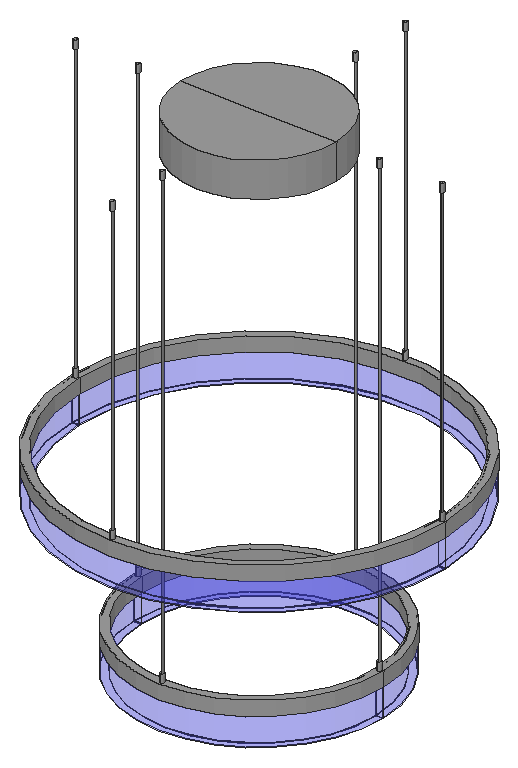
Revit family "Alcon-12272-2-16-24-Revit-Family", category Generic Models, host Ceiling, Revit 2025
Family settings
  Host = Ceiling
  Can host rebar = No
  Round Connector Dimension = Use Diameter
  Part Type = Normal
  Always vertical = Yes
  Cut with Voids When Loaded = No
  Maintain Annotation Orientation = No
  Shared = No
  Room Calculation Point = No
Parameters
  URL = "https://www.alconlighting.com/?srsltid=AfmBOooDPhGQ0dEP-X2PMtxFfvvWpIAEL4jCll_O2F4_to5onvhnBomy"
  Product Page = "https://www.alconlighting.com/redondo-12272-2.html"
  Model = "12272-2"
  Manufacturer = "Alcon Lighting"
  Lens = Glass
  Housing = Default
  Default Elevation = 0' - 0"
Reference planes (in)
  plane 1 "Center (Front/Back)": y = 0
  plane 2 "Ceiling": z = 96
  plane 3 "Center (Left/Right)": x = 0
Forms (in)
  Revolve 1, solid, material "Default" <- "Housing"
    sketch origin (0, 0, 0) x (1, 0, 0) y (0, 0, 1)
      loop
        line (0, 96) -> (0, 93.75) -> (5, 93.75) -> (5, 96) -> (0, 96)
      axis (0, 96) -> (0, 93.75)
    angle from 0 to 360
  Revolve 2, solid, material "Default" <- "Housing"
    sketch origin (0, 0, 0) x (1, 0, 0) y (0, 0, 1)
      loop
        line (7.5, 66.65) -> (7.5, 65.72813) -> (7.5625, 65.72813) -> (7.5625, 66.5875) -> (7.9375, 66.5875) -> (7.9375, 65.72813) -> (8, 65.72813) -> (8, 66.65) -> (7.5, 66.65)
      axis (0, 65.72813) -> (0, 66.65)
    angle from 0 to 360
  Revolve 3, solid, material "Glass" <- "Lens"
    sketch origin (0, 0, 0) x (1, 0, 0) y (0, 0, 1)
      loop
        line (7.5, 63.89) -> (8, 63.89) -> (8, 65.72813) -> (7.96875, 65.72813) -> (7.96875, 63.92125) -> (7.53125, 63.92125) -> (7.53125, 65.72813) -> (7.5, 65.72813) -> (7.5, 63.89)
      axis (0, 63.89) -> (0, 65.72813)
    angle from 0 to 360
  Revolve 4, solid, material "Default" <- "Housing"
    sketch origin (0, -20.29728, 0) x (0, 1, 0) y (0, 0, 1)
      loop
        line (12.55011, 66.65) -> (12.67511, 66.65) -> (12.67511, 67.1208) -> (12.55011, 67.1208) -> (12.55011, 66.65)
      axis (12.55011, 67.1208) -> (12.55011, 66.65)
    angle from 0 to 360
  Extrusion 5, solid, material "Default" <- "Housing"
    sketch origin (0, -7.74728, 92.90344) x (0, 1, 0) y (1, 0, 0)
      loop
        circle (0, 0) r 0.04922
    from -2.62576 to 25.78265
  Revolve 6, solid, material "Default" <- "Housing"
    sketch origin (0, -20.29728, 28.8792) x (0, 1, 0) y (0, 0, 1)
      loop
        line (12.55011, 66.65) -> (12.67511, 66.65) -> (12.67511, 67.1208) -> (12.55011, 67.1208) -> (12.55011, 66.65)
      axis (12.55011, 67.1208) -> (12.55011, 66.65)
    angle from 0 to 360
  Revolve 7, solid, material "Default" <- "Housing"
    sketch origin (0, -4.80413, 0) x (0, 1, 0) y (0, 0, 1)
      loop
        line (12.55011, 66.65) -> (12.67511, 66.65) -> (12.67511, 67.1208) -> (12.55011, 67.1208) -> (12.55011, 66.65)
      axis (12.55011, 67.1208) -> (12.55011, 66.65)
    angle from 0 to 360
  Extrusion 8, solid, material "Default" <- "Housing"
    sketch origin (0, 7.74587, 92.90344) x (0, 1, 0) y (1, 0, 0)
      loop
        circle (0, 0) r 0.04922
    from -2.62576 to 25.78265
  Revolve 9, solid, material "Default" <- "Housing"
    sketch origin (0, -4.80413, 28.8792) x (0, 1, 0) y (0, 0, 1)
      loop
        line (12.55011, 66.65) -> (12.67511, 66.65) -> (12.67511, 67.1208) -> (12.55011, 67.1208) -> (12.55011, 66.65)
      axis (12.55011, 67.1208) -> (12.55011, 66.65)
    angle from 0 to 360
  Revolve 10, solid, material "Default" <- "Housing"
    sketch origin (7.73156, -12.55011, 0) x (0, 1, 0) y (0, 0, 1)
      loop
        line (12.55011, 66.65) -> (12.67511, 66.65) -> (12.67511, 67.1208) -> (12.55011, 67.1208) -> (12.55011, 66.65)
      axis (12.55011, 67.1208) -> (12.55011, 66.65)
    angle from 0 to 360
  Extrusion 11, solid, material "Default" <- "Housing"
    sketch origin (7.73156, -0.00011, 92.90344) x (0, 1, 0) y (1, 0, 0)
      loop
        circle (0, 0) r 0.04922
    from -2.62576 to 25.78265
  Revolve 12, solid, material "Default" <- "Housing"
    sketch origin (7.73156, -12.55011, 28.8792) x (0, 1, 0) y (0, 0, 1)
      loop
        line (12.55011, 66.65) -> (12.67511, 66.65) -> (12.67511, 67.1208) -> (12.55011, 67.1208) -> (12.55011, 66.65)
      axis (12.55011, 67.1208) -> (12.55011, 66.65)
    angle from 0 to 360
  Revolve 13, solid, material "Default" <- "Housing"
    sketch origin (-7.7654, -12.55011, 0) x (0, 1, 0) y (0, 0, 1)
      loop
        line (12.55011, 66.65) -> (12.67511, 66.65) -> (12.67511, 67.1208) -> (12.55011, 67.1208) -> (12.55011, 66.65)
      axis (12.55011, 67.1208) -> (12.55011, 66.65)
    angle from 0 to 360
  Extrusion 14, solid, material "Default" <- "Housing"
    sketch origin (-7.7654, -0.00011, 92.90344) x (0, 1, 0) y (1, 0, 0)
      loop
        circle (0, 0) r 0.04922
    from -2.62576 to 25.78265
  Revolve 15, solid, material "Default" <- "Housing"
    sketch origin (-7.7654, -12.55011, 28.8792) x (0, 1, 0) y (0, 0, 1)
      loop
        line (12.55011, 66.65) -> (12.67511, 66.65) -> (12.67511, 67.1208) -> (12.55011, 67.1208) -> (12.55011, 66.65)
      axis (12.55011, 67.1208) -> (12.55011, 66.65)
    angle from 0 to 360
  Revolve 16, solid, material "Default" <- "Housing"
    sketch origin (0, 0, 10) x (1, 0, 0) y (0, 0, 1)
      loop
        line (11.5, 66.65) -> (11.5, 65.72813) -> (11.5625, 65.72813) -> (11.5625, 66.5875) -> (11.9375, 66.5875) -> (11.9375, 65.72813) -> (12, 65.72813) -> (12, 66.65) -> (11.5, 66.65)
      axis (0, 65.72813) -> (0, 66.65)
    angle from 0 to 360
  Revolve 17, solid, material "Glass" <- "Lens"
    sketch origin (0, 0, 10) x (1, 0, 0) y (0, 0, 1)
      loop
        line (11.5, 63.89) -> (12, 63.89) -> (12, 65.72813) -> (11.96875, 65.72813) -> (11.96875, 63.92125) -> (11.53125, 63.92125) -> (11.53125, 65.72813) -> (11.5, 65.72813) -> (11.5, 63.89)
      axis (0, 63.89) -> (0, 65.72813)
    angle from 0 to 360
  Revolve 18, solid, material "Default" <- "Housing"
    sketch origin (-11.7654, -12.55011, 10) x (0, 1, 0) y (0, 0, 1)
      loop
        line (12.55011, 66.65) -> (12.67511, 66.65) -> (12.67511, 67.1208) -> (12.55011, 67.1208) -> (12.55011, 66.65)
      axis (12.55011, 67.1208) -> (12.55011, 66.65)
    angle from 0 to 360
  Extrusion 19, solid, material "Default" <- "Housing"
    sketch origin (-11.7654, -0.00011, 102.90344) x (0, 1, 0) y (1, 0, 0)
      loop
        circle (0, 0) r 0.04922
    from 7.37424 to 25.78265
  Revolve 20, solid, material "Default" <- "Housing"
    sketch origin (-11.7654, -12.55011, 28.8792) x (0, 1, 0) y (0, 0, 1)
      loop
        line (12.55011, 66.65) -> (12.67511, 66.65) -> (12.67511, 67.1208) -> (12.55011, 67.1208) -> (12.55011, 66.65)
      axis (12.55011, 67.1208) -> (12.55011, 66.65)
    angle from 0 to 360
  Revolve 21, solid, material "Default" <- "Housing"
    sketch origin (-7.7654, -12.55011, 0) x (0, 1, 0) y (0, 0, 1)
      loop
        line (12.55011, 66.65) -> (12.67511, 66.65) -> (12.67511, 67.1208) -> (12.55011, 67.1208) -> (12.55011, 66.65)
      axis (12.55011, 67.1208) -> (12.55011, 66.65)
    angle from 0 to 360
  Extrusion 22, solid, material "Default" <- "Housing"
    sketch origin (-7.7654, -0.00011, 92.90344) x (0, 1, 0) y (1, 0, 0)
      loop
        circle (0, 0) r 0.04922
    from -2.62576 to 25.78265
  Revolve 23, solid, material "Default" <- "Housing"
    sketch origin (-7.7654, -12.55011, 28.8792) x (0, 1, 0) y (0, 0, 1)
      loop
        line (12.55011, 66.65) -> (12.67511, 66.65) -> (12.67511, 67.1208) -> (12.55011, 67.1208) -> (12.55011, 66.65)
      axis (12.55011, 67.1208) -> (12.55011, 66.65)
    angle from 0 to 360
  Revolve 24, solid, material "Default" <- "Housing"
    sketch origin (11.7346, -12.55011, 10) x (0, 1, 0) y (0, 0, 1)
      loop
        line (12.55011, 66.65) -> (12.67511, 66.65) -> (12.67511, 67.1208) -> (12.55011, 67.1208) -> (12.55011, 66.65)
      axis (12.55011, 67.1208) -> (12.55011, 66.65)
    angle from 0 to 360
  Extrusion 25, solid, material "Default" <- "Housing"
    sketch origin (11.7346, -0.00011, 102.90344) x (0, 1, 0) y (1, 0, 0)
      loop
        circle (0, 0) r 0.04922
    from 7.37424 to 25.78265
  Revolve 26, solid, material "Default" <- "Housing"
    sketch origin (11.7346, -12.55011, 28.8792) x (0, 1, 0) y (0, 0, 1)
      loop
        line (12.55011, 66.65) -> (12.67511, 66.65) -> (12.67511, 67.1208) -> (12.55011, 67.1208) -> (12.55011, 66.65)
      axis (12.55011, 67.1208) -> (12.55011, 66.65)
    angle from 0 to 360
  Revolve 27, solid, material "Default" <- "Housing"
    sketch origin (0, -0.80011, 10) x (0, 1, 0) y (0, 0, 1)
      loop
        line (12.55011, 66.65) -> (12.67511, 66.65) -> (12.67511, 67.1208) -> (12.55011, 67.1208) -> (12.55011, 66.65)
      axis (12.55011, 67.1208) -> (12.55011, 66.65)
    angle from 0 to 360
  Extrusion 28, solid, material "Default" <- "Housing"
    sketch origin (0, 11.74989, 102.90344) x (0, 1, 0) y (1, 0, 0)
      loop
        circle (0, 0) r 0.04922
    from 7.37424 to 25.78265
  Revolve 29, solid, material "Default" <- "Housing"
    sketch origin (0, -0.80011, 28.8792) x (0, 1, 0) y (0, 0, 1)
      loop
        line (12.55011, 66.65) -> (12.67511, 66.65) -> (12.67511, 67.1208) -> (12.55011, 67.1208) -> (12.55011, 66.65)
      axis (12.55011, 67.1208) -> (12.55011, 66.65)
    angle from 0 to 360
  Revolve 30, solid, material "Default" <- "Housing"
    sketch origin (0, -24.30011, 10) x (0, 1, 0) y (0, 0, 1)
      loop
        line (12.55011, 66.65) -> (12.67511, 66.65) -> (12.67511, 67.1208) -> (12.55011, 67.1208) -> (12.55011, 66.65)
      axis (12.55011, 67.1208) -> (12.55011, 66.65)
    angle from 0 to 360
  Extrusion 31, solid, material "Default" <- "Housing"
    sketch origin (0, -11.75011, 102.90344) x (0, 1, 0) y (1, 0, 0)
      loop
        circle (0, 0) r 0.04922
    from 7.37424 to 25.78265
  Revolve 32, solid, material "Default" <- "Housing"
    sketch origin (0, -24.30011, 28.8792) x (0, 1, 0) y (0, 0, 1)
      loop
        line (12.55011, 66.65) -> (12.67511, 66.65) -> (12.67511, 67.1208) -> (12.55011, 67.1208) -> (12.55011, 66.65)
      axis (12.55011, 67.1208) -> (12.55011, 66.65)
    angle from 0 to 360
Dimensions and locks (in)
  equal spacing: host sketch curve, plane 3 "Center (Left/Right)", host sketch curve
  equal spacing: host sketch curve, plane 1 "Center (Front/Back)", host sketch curve
  host sketch curve to host sketch curve = 10' - 0"  (x2)
  aligned and locked: Extrusion 5 to Revolve 4
  aligned and locked: Revolve 6 to Extrusion 5
  aligned and locked: Extrusion 8 to Revolve 7
  aligned and locked: Revolve 9 to Extrusion 8
  aligned and locked: Extrusion 11 to Revolve 10
  aligned and locked: Revolve 12 to Extrusion 11
  aligned and locked: Extrusion 14 to Revolve 13
  aligned and locked: Extrusion 19 to Revolve 18
  aligned and locked: Revolve 20 to Extrusion 19
  aligned and locked: Extrusion 22 to Revolve 21
  aligned and locked: Extrusion 25 to Revolve 24
  aligned and locked: Revolve 26 to Extrusion 25
  aligned and locked: Extrusion 28 to Revolve 27
  aligned and locked: Revolve 29 to Extrusion 28
  aligned and locked: Extrusion 31 to Revolve 30
  aligned and locked: Revolve 32 to Extrusion 31
